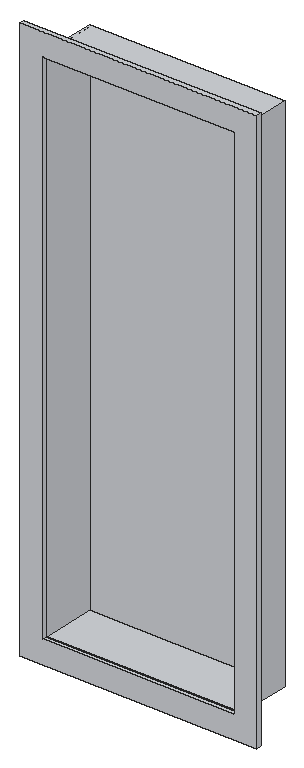
Revit family "Hager-VOLTA-Hollow_wall-Other-Without_Cover-Without_DIN-NoHosted-AT-de", category Electrical Equipment, Revit 2023
Family settings
  Panel Configuration = Two Columns, Circuits Across
  Round Connector Dimension = Use Diameter
  Part Type = Panelboard
  Work Plane-Based = Yes
  Always vertical = Yes
  Cut with Voids When Loaded = No
  Maintain Annotation Orientation = No
  Shared = No
  Room Calculation Point = No
Parameters (values of type "VOLTA-Hollow_wall_W348_H880_D98_12_Modular_Spacing-VH60NK")
  Width Control [instance] = if([HG000006-Unterputz], if([EF000846 - Einbaubreite] > min_whd, [EF000846 - Einbaubreite], min_whd), if([EF000008 - Breite] > min_whd, ([EF000008 - Breite]), min_whd))  # 314 mm
  Void Depth [instance] = if([EF000218 - Einbautiefe] > 1 mm, [EF000218 - Einbautiefe], 1 mm)  # 90 mm
  Uniformat code = "D501001"
  Uniformat = "Low Tension Service & Dist."
  Référence = ""
  HGEF0002950-Breite in Teilungseinheiten = 12
  HGEF000266-Anzahl der Reihen = 5
  HG000131 - Functional label [instance] = ""
  HG000130 - Functional name [instance] = ""
  HG000099-Onfly Template ID-de-AT = "507532"
  HG000059-Operating voltage-de-AT [instance] = 230 V
  HG000017-Distanz zwischen den Polen = 18 mm
  HG000016-3D-Türsichtbarkeit = yes
  HG000015-Sichtbarkeit der Türöffnung = yes
  HG000014-Tür rechts = yes
  HG000013-Tür links = no
  HG000012-Türschwenkwinkel = 90.00°
  HG000011-Leere Reihen von unten = no
  HG000010-Asymmetrische Türen = no
  HG000009-Doppelflügeligen Tür = no
  HG000008-Anzahl der leeren Reihen = 0
  HG000007-Anzahl der leeren Spalten = 0
  HG000006-Unterputz = yes
  HG000005-Dicke = 2 mm
  HG000004-Herstellerreferenz = "VH60NK"
  HG000003-Bereich = "VOLTA"
  HG000002-Mit tür = no
  HG000001-Anzahl der Spalten = 0
  ETIM class name = "Small distribution board"
  ETIM class code = "EC000214"
  EF015941 - Signaldurchlassende Tür = no
  EF015777 - Neutralleiterklemmenblock = no
  EF015776 - Erdungsklemmenblock = no
  EF009212 - Ausführung Deckel = ""
  EF006306 - Mit Schloss = no
  EF006244 - Transparenter Deckel/Tür = no
  EF005474 - Schutzart (IP) = "sonstige"
  EF004464 - Art der Tür = ""
  EF004462 - Art der Schließung = "sonstige"
  EF002950 - Breite in Teilungseinheiten = 12
  EF001596 - Werkstoff des Gehäuses = ""
  EF001134 - DIN-Schiene = no
  EF001131 - Innentiefe = 0 mm
  EF001088 - Anbaumöglichkeit = yes
  EF001062 - EMV-Ausführung = no
  EF000846 - Einbaubreite = 314 mm
  EF000339 - Art der Abdeckung = ""
  EF000332 - Einbauhöhe = 846 mm
  EF000266 - Anzahl der Reihen = 5
  EF000218 - Einbautiefe = 90 mm
  EF000118 - Mit Montageplatte = no
  EF000116 - RAL-Nummer = 9010
  EF000049 - Tiefe = 98 mm
  EF000040 - Höhe = 880 mm
  EF000024 - UV-beständig = no
  EF000008 - Breite = 348 mm
  EF000007 - Farbe = "weiß"
  EF000003 - Montageart = "Hohlwand"
  Type Comments = ""
  System Height [instance] = Height Control - 2 * [HG000005-Dicke]  # 842 mm
  Reference description = ""
  Reference = "VOLTA-Hollow_wall_W348_H880_D98_12_Modular_Spacing-VH60NK"
  Panel Name [instance] = ""  # (empty or 0)
  Offset [instance] = 0 mm
  Object type = ""
  Name hager = "ADD_Enclosures_EC000214"
  Name BIM&CO = "Electricity"
  Name = "VOLTA-Hollow_wall-Other-Without_Cover-Without_DIN-AT"
  Model = ""
  Level Offset [instance] = [Flush Mounted - Door Frame Width] + Offset  # 34 mm
  HG000060-RAL-number = "9010"
  GTIN (Global Trade Item Number) = ""
  Description = ""
  Default Elevation = 1200 mm
  Creation Date = "12/15/2025 21:42:23"
  Code hager = "ADD-EC000214_EU"
  Code Uniformat = ""
  BIM&CO code = ""
  BC_VARIANT_ID = "1174081"
  BC_OBJECT_VERSION = "#3"  # constant formula
  BC_OBJECT_ID = "513459"  # constant formula
  BC_MODEL_ID = "1547070"  # constant formula
  BC_METADATA = "{\"ObjectGuid\":\"bc35c96e-cb38-443e-833d-0616858cb9ac\",\"ModelGuid\":\"8af03f69-2293-4735-a617-cc53adf55621\",\"VariantGuid\":\"8b6e323b-1b53-409a-a940-11b5a7fc5337\",\"Revision\":\"#4\",\"VariantName\":\"Template-Enclosure_EU-EC000214\"}"
  Arrow Offset [instance] = Depth Control / 8  # 11.25 mm
  Arrow Height [instance] = Depth Control - Arrow Offset  # 78.75 mm
  Host Offset [instance] = if([HG000006-Unterputz], 0 mm, [EF000049 - Tiefe])  # 0 mm
  min_whd [instance] = (2 * [HG000005-Dicke]) + 1 mm  # 5 mm
  Manufacturer = "Hager"  # constant formula
  Height Control [instance] = if([HG000006-Unterputz], if([EF000332 - Einbauhöhe] > min_whd, [EF000332 - Einbauhöhe], min_whd), if([EF000040 - Höhe] > min_whd, ([EF000040 - Höhe]), min_whd))  # 846 mm
  Flush Mounted - Door Frame Width [instance] = if(([EF000040 - Höhe] - [EF000332 - Einbauhöhe]) > 0 mm, if([HG000006-Unterputz], [EF000040 - Höhe] - [EF000332 - Einbauhöhe], 0 mm), 0 mm)  # 34 mm
  Depth Control [instance] = if([HG000006-Unterputz], if([EF000218 - Einbautiefe] > 0 mm, [EF000218 - Einbautiefe], 1 mm), if([EF000049 - Tiefe] > 0 mm, ([EF000049 - Tiefe]), 1 mm))  # 90 mm
Types (5, lengths in mm): name | HGEF000266-Anzahl der Reihen | HG000004-Herstellerreferenz | EF009212 - Ausführung Deckel | EF004462 - Art der Schließung | EF001062 - EMV-Ausführung | EF000332 - Einbauhöhe | EF000266 - Anzahl der Reihen | EF000049 - Tiefe | EF000040 - Höhe | EF000008 - Breite | System Height | Reference | Level Offset | BC_VARIANT_ID | Height Control | Flush Mounted - Door Frame Width
  VOLTA-Hollow_wall_W330_H355_D94_12_Modular_Spacing-VH12NK | 1 | "VH12NK" | "geschlossen" | "" | yes | 346 | 1 | 94 | 355 | 330 | 342 | "VOLTA-Hollow_wall_W330_H355_D94_12_Modular_Spacing-VH12NK" | 9 | "1174077" | 346 | 9
  VOLTA-Hollow_wall_W348_H505_D98_12_Modular_Spacing-VH24NK | 2 | "VH24NK" | "" | "sonstige" | no | 471 | 2 | 98 | 505 | 348 | 467 | "VOLTA-Hollow_wall_W348_H505_D98_12_Modular_Spacing-VH24NK" | 34 | "1174078" | 471 | 34
  VOLTA-Hollow_wall_W348_H630_D98_12_Modular_Spacing-VH36NK | 3 | "VH36NK" | "" | "sonstige" | no | 596 | 3 | 98 | 630 | 348 | 592 | "VOLTA-Hollow_wall_W348_H630_D98_12_Modular_Spacing-VH36NK" | 34 | "1174079" | 596 | 34
  VOLTA-Hollow_wall_W348_H755_D98_12_Modular_Spacing-VH48NK | 4 | "VH48NK" | "" | "sonstige" | no | 721 | 4 | 98 | 755 | 348 | 717 | "VOLTA-Hollow_wall_W348_H755_D98_12_Modular_Spacing-VH48NK" | 34 | "1174080" | 721 | 34
  VOLTA-Hollow_wall_W348_H880_D98_12_Modular_Spacing-VH60NK | 5 | "VH60NK" | "" | "sonstige" | no | 846 | 5 | 98 | 880 | 348 | 842 | "VOLTA-Hollow_wall_W348_H880_D98_12_Modular_Spacing-VH60NK" | 34 | "1174081" | 846 | 34
Reference planes
  plane 1 "Center (Front/Back)": y = 0
  plane 2: z = 0
  plane 3 "Center (Left/Right)": x = 0
  plane 4: y = 36
  plane 5: y = 90
  plane 6: y = 34
  plane 7: z = 0
  plane 8: x = -157
  plane 9: x = 157
  plane 10: x = 155
  plane 11: x = -155
  plane 12: z = 34
  plane 13: z = 36
  plane 14: y = 5
  plane 15: y = 0
  plane 16: y = 88
  plane 17: z = 878
  plane 18: z = 880
  plane 19: z = 457
  plane 20: x = 0
  plane 21: y = -100
  plane 22 "Annotation H": y = -300
  plane 23 "Annotation V": x = 357
Forms (mm)
  Extrusion 1, solid
    sketch origin (-208.679, -4572, 34) x (-1, 0, 0) y (0, -1, 0)
      loop
        line (-51.679, -4572) -> (-365.679, -4572) -> (-365.679, -4662) -> (-51.679, -4662) -> (-51.679, -4572)
    from 0 to 846 <- "Height Control"
  Extrusion 2, void
    sketch origin (-350.771, 0, 1219.2) x (1, 0, 0) y (0, 0, 1)
      loop
        line (195.771, -341.2) -> (195.771, -1183.2) -> (505.771, -1183.2) -> (505.771, -341.2) -> (195.771, -341.2)
    from 0 to -88
  Extrusion 3, solid, detail levels coarse+medium
    sketch origin (-350.771, 0, 1219.2) x (-1, 0, 0) y (0, 0, 1)
      loop
        line (-195.771, -341.2) -> (-505.771, -341.2) -> (-505.771, -1183.2) -> (-195.771, -1183.2) -> (-195.771, -341.2)
    from 0 to 2 <- "HG000005-Dicke"
Cuts and joins
  Extrusion 2 cuts Extrusion 1
Dimensions and locks
  "Flush Mounted - Door Frame Width": plane 1 "Center (Front/Back)" to plane 6
  "HG000005-Dicke": plane 4 to plane 6
  "HG000005-Dicke": plane 8 to plane 11
  "HG000005-Dicke": plane 9 to plane 10
  equal spacing: plane 8, plane 3 "Center (Left/Right)", plane 9
  "Width Control": plane 8 to plane 9
  locked: plane 14 to plane 15 at 5
  "Host Offset": plane 1 "Center (Front/Back)" to plane 15
  "Depth Control": plane 5 to plane 15
  "HG000005-Dicke": plane 5 to plane 16
  "HG000005-Dicke": plane 13 to plane 12
  "Level Offset": plane 12 to level
  "HG000005-Dicke": plane 18 to plane 17
  "Height Control": plane 18 to plane 12
  "Arrow Offset": plane 5 to nested 4
  equal spacing: plane 18, plane 19, plane 12
  locked: connector elem to plane 19
  locked: connector elem to plane 3 "Center (Left/Right)"
  Extrusion 2 sketch curve to Extrusion 2 sketch curve to plane 9 = 310 mm, 2 mm
  locked: plane 9 to plane 23 "Annotation V" at 200
  locked: plane 22 "Annotation H" to plane 1 "Center (Front/Back)" at 300
  aligned and locked: nested 1 to plane 14
  aligned and locked: plane 3 "Center (Left/Right)" to nested 1
  aligned and locked: plane 3 "Center (Left/Right)" to nested 2
  aligned and locked: nested 2 to plane 15
  aligned and locked: plane 5 to Extrusion 1
  aligned and locked: Extrusion 3 sketch curve to plane 17
  aligned and locked: Extrusion 3 sketch curve to plane 11
  aligned and locked: plane 13 to Extrusion 3 sketch curve
  aligned and locked: Extrusion 3 sketch curve to plane 10
  aligned and locked: plane 13 to Extrusion 2 sketch curve
  aligned and locked: Extrusion 2 sketch curve to plane 17
  aligned and locked: plane 16 to Extrusion 2
  aligned and locked: plane 5 to Extrusion 1 sketch curve
  aligned and locked: plane 9 to Extrusion 1 sketch curve
  aligned and locked: plane 8 to Extrusion 1 sketch curve
  aligned and locked: plane 8 to nested 4
  aligned and locked: plane 8 to nested 3
  aligned and locked: nested 3 to plane 5
  aligned and locked: Extrusion 1 sketch curve to plane 15
  aligned and locked: Extrusion 2 to plane 15
  aligned and locked: nested 5 to plane 22 "Annotation H"
  aligned and locked: plane 23 "Annotation V" to nested 5
  aligned and locked: plane 11 to Extrusion 2
  aligned and locked: plane 10 to Extrusion 2
Nested families
  nested 1: "Hager_Enclosure_System" at (0, 5, 36), Height <- "System Height", Width_Control <- "Width Control", Built-in_Width <- "EF000846 - Einbaubreite", Width <- "EF000008 - Breite", Depth <- "HG000005-Dicke", Border <- "HG000005-Dicke", Distance_Between_Poles <- "HG000017-Distanz zwischen den Polen", Flush_Mounted <- "HG000006-Unterputz", Empty_Columns <- "HG000007-Anzahl der leeren Spalten", Total_No_Empty_Rows <- "HG000008-Anzahl der leeren Reihen", Empty_Rows_From_Bottom <- "HG000011-Leere Reihen von unten", Columns_Count <- "HG000001-Anzahl der Spalten", Rows_Count <- "HGEF000266-Anzahl der Reihen", Row_Module_Multiplicator <- "HGEF0002950-Breite in Teilungseinheiten", type "Hager_Enclosure_System", detail levels medium+fine
    with Width_Control 314 mm, Width 348 mm, Total_No_Rows 5, Total_No_Empty_Rows 0, Total_No_Columns 1, System_Width 310 mm, Rows_Count 5, Rows_Column 5, Row_Module_Multiplicator 12, Panel_4 no, Panel_3 no, Panel_2 no, Panel_1 no, No_Panels_Ctrl 1, Hide_Columns yes, Height 842 mm, Flush_Mounted yes, Empty_Rows_From_Bottom no, Empty_Rows_Column 0, Empty_Columns 0, Empty column 4 0, Empty column 3 0, Empty column 2 0, Empty column 1 0, Distance_Between_Poles 18 mm, Depth 2 mm, Columns_Count 0, Column_Width 310 mm, Built-in_Width 314 mm, Border 2 mm
  nested 2: "Hager_Enclosure_Door" at (0, 0, 34), Height_Ctrl <- "Height Control", Width_Ctrl <- "Width Control", BuiltIn_Depth <- "EF000218 - Einbautiefe", Depth <- "EF000049 - Tiefe", BuiltIn_Width <- "EF000846 - Einbaubreite", Height <- "EF000040 - Höhe", BuiltIn_Height <- "EF000332 - Einbauhöhe", Width <- "EF000008 - Breite", Transparent <- "EF006244 - Transparenter Deckel/Tür", Border <- "HG000005-Dicke", Door <- "HG000002-Mit tür", Flush_Mounted <- "HG000006-Unterputz", Double <- "HG000009-Doppelflügeligen Tür", Assymetrical <- "HG000010-Asymmetrische Türen", Angle <- "HG000012-Türschwenkwinkel", Door_Left <- "HG000013-Tür links", Door_Right <- "HG000014-Tür rechts", Clearance <- "HG000015-Sichtbarkeit der Türöffnung", 3d_Door <- "HG000016-3D-Türsichtbarkeit", type "Hager_Enclosure_Door", detail levels medium+fine
    with min_wh 5 mm, Width_Ctrl 314 mm, Width 348 mm, Transparent_Door_No_Bottom_Border no, Transparent no, Leaf_Width 307 mm, Leaf_Tolerance 1.5 mm, Leaf_Height 839 mm, Leaf_2_Width 307 mm, Leaf_2_Offset 153.5 mm, Leaf_1_Width 307 mm, Leaf_1_Offset 153.5 mm, Height_Ctrl 846 mm, Height 880 mm, Frame_Width_Ctrl 34 mm, Frame_Width 34 mm, Frame_Internal_Offset 2 mm, Frame_Height_Ctrl 34 mm, Frame_Height 34 mm, Frame_Depth_Ctrl 8 mm, Frame_Depth 8 mm, Flush_Mounted yes, Double_Clearance_Ctrl no, Double no, Door_Right_Ctrl no, Door_Right yes, Door_Left_Ctrl no, Door_Left no, Door no, Depth 98 mm, Clearance_Depth 307 mm, Clearance_Ctrl yes, Clearance yes, BuiltIn_Width 314 mm, BuiltIn_Height 846 mm, BuiltIn_Depth 90 mm, Border 2 mm, Assymetrical no, Angle 90.00°, 3d_Door yes
  nested 3: "Hager_Enclosure_Symbol_Triangle" at (-157, 90, 0), Depth <- "Depth Control", Width <- "Width Control", type "Hager_Enclosure_Symbol_Triangle"
    with Width_Ctrl 314 mm, Width 314 mm, Depth_Ctrl 90 mm, Depth 90 mm
  nested 4: "Hager_Enclosure_Symbol_Arrow" at (-157, 78.75, 0), Height <- "Arrow Height", type "Hager_Enclosure_Symbol_Arrow"
    with Width_Inside 5.906 mm, Width 70.875 mm, Height_Ctrl 78.75 mm, Height 78.75 mm
  nested 5: "Hager_Annotation-HG000130" at (357, -300, 0), HG000130 - Functional name <- "HG000130 - Functional name", type "Hager_Annotation-HG000130"
    with HG000130 - Functional name ""
Connectors
  electrical at (0, 90, 457), driven by "HG000059-Operating voltage-de-AT"
    settings: on plane 5, index 1, voltage 230 V, apparent load 0 VA, apparent load phase1 0 VA, apparent load phase2 0 VA, apparent load phase3 0 VA, power factor 1, load classification "Other", number of poles 1, system type 30, power factor state 1, is connector primary yes, connector utility no, sub classification motor no, connector description ""
Definition of nested family "Hager_Enclosure_Door"
  Parameters (values of type "Hager_Enclosure_Door")
    min_wh [instance] = (2 * Border) + 1 mm  # 11 mm
    Width_Ctrl [instance] = 400 mm
    Width [instance] = 500 mm
    Transparent_Door_No_Bottom_Border [instance] = no
    Transparent [instance] = yes
    Leaf_Width [instance] = if((Width_Ctrl - 2 * Border - 2 * Leaf_Tolerance) > 0 mm, (Width_Ctrl - 2 * Border - 2 * Leaf_Tolerance), min_wh)  # 387 mm
    Leaf_Tolerance [instance] = 1.5 mm  # constant formula
    Leaf_Height [instance] = if((Height_Ctrl - 2 * Border - 2 * Leaf_Tolerance) > 0 mm, (Height_Ctrl - 2 * Border - 2 * Leaf_Tolerance), min_wh)  # 387 mm
    Leaf_2_Width [instance] = if(and(and(Double, Assymetrical), Door_Left), (Leaf_Width / 3) - (Leaf_Tolerance / 2), if(and(and(Double, Assymetrical), Door_Right), (Leaf_Width / 3) * 2 - (Leaf_Tolerance / 2), if(and(Double, not(Assymetrical)), (Leaf_Width / 2) - Leaf_Tolerance, Leaf_Width)))  # 387 mm
    Leaf_2_Offset [instance] = if(and(Double, Assymetrical), Leaf_2_Width / 2, if(and(Double, not(Assymetrical)), Leaf_Width / 4, Leaf_Width / 2))  # 193.5 mm
    Leaf_1_Width [instance] = if(and(and(Double, Assymetrical), Door_Right), (Leaf_Width / 3) - (Leaf_Tolerance / 2), if(and(and(Double, Assymetrical), Door_Left), (Width / 3) * 2 - (Leaf_Tolerance / 2), if(and(Double, not(Assymetrical)), (Leaf_Width / 2) - Leaf_Tolerance, Leaf_Width)))  # 387 mm
    Leaf_1_Offset [instance] = if(and(Double, Assymetrical), Leaf_1_Width / 2, if(and(Double, not(Assymetrical)), Leaf_Width / 4, Leaf_Width / 2))  # 193.5 mm
    Height_Ctrl [instance] = 400 mm
    Height [instance] = 500 mm
    Frame_Width_Ctrl [instance] = if(Frame_Width > 0 mm, Frame_Width, 1 mm)  # 1 mm
    Frame_Width [instance] = Width - BuiltIn_Width  # 0 mm
    Frame_Internal_Offset [instance] = if(Flush_Mounted, Border, 0 mm)  # 5 mm
    Frame_Height_Ctrl [instance] = if(Frame_Height > 0 mm, Frame_Height, 1 mm)  # 1 mm
    Frame_Height [instance] = Height - BuiltIn_Height  # 0 mm
    Frame_Depth_Ctrl [instance] = if(Frame_Depth > 0 mm, Frame_Depth, 1 mm)  # 1 mm
    Frame_Depth [instance] = if(Depth - BuiltIn_Depth > 0 mm, if(Flush_Mounted, Depth - BuiltIn_Depth, 0 mm), 0 mm)  # 0 mm
    Flush_Mounted [instance] = yes
    Double_Clearance_Ctrl [instance] = and(Double, Clearance)  # no
    Double [instance] = no
    Door_Right_Ctrl [instance] = and(or(Door_Right, Double), Door)  # yes
    Door_Right [instance] = yes
    Door_Left_Ctrl [instance] = and(or(Door_Left, Double), Door)  # no
    Door_Left [instance] = no
    Door [instance] = yes
    Depth [instance] = 500 mm
    Default Elevation = 1219.2 mm
    Clearance_Material = none
    Clearance_Depth [instance] = if(Leaf_1_Width > Leaf_2_Width, Leaf_1_Width, Leaf_2_Width)  # 387 mm
    Clearance_Ctrl [instance] = and(not(Double), Clearance)  # yes
    Clearance [instance] = yes
    BuiltIn_Width [instance] = 500 mm
    BuiltIn_Height [instance] = 500 mm
    BuiltIn_Depth [instance] = 500 mm
    Border [instance] = 5 mm
    Assymetrical [instance] = yes
    Angle [instance] = 30.00°
    3d_Door [instance] = yes
  Reference planes
    plane 1 "Center (Front/Back)": y = 0
    plane 2 "Bottom": z = 0
    plane 3 "Center (Left/Right)": x = 0
    plane 4: z = 400
    plane 5: x = -200
    plane 6: x = 200
    plane 7: z = 395
    plane 8: x = -195
    plane 9: z = 5
    plane 10: x = 195
    plane 11: y = 0
    plane 12: z = 6.5
    plane 13: x = -582
    plane 14: y = -387
    plane 15: x = 582
    plane 16: x = 0
    plane 17: x = 0
    plane 18: x = -193.5
    plane 19: x = 193.5
    plane 20: z = 393.5
  Forms (mm)
    Extrusion 1, solid, visible <- "Flush_Mounted"
      sketch origin (0, 0, 0) x (1, 0, 0) y (0, 0, 1)
        loop
          line (195, 5) -> (195, 395) -> (-195, 395) -> (-195, 5) -> (195, 5)
        loop
          line (-201, 401) -> (-201, -1) -> (201, -1) -> (201, 401) -> (-201, 401)
      from 0 to 1 <- "Frame_Depth_Ctrl"
    Extrusion 2, solid, material <- "Clearance_Material", visible <- "Double_Clearance_Ctrl"
      sketch origin (1200, 0, 0) x (1, 0, 0) y (0, 0, -1)
        loop
          line (-1782, -393.5) -> (-618, -393.5) -> (-618, 0) -> (-1782, 0) -> (-1782, -393.5)
      from 0 to -387
  Dimensions and locks
    equal spacing: plane 5, plane 3 "Center (Left/Right)", plane 6
    "Width_Ctrl": plane 5 to plane 6
    "Border": plane 5 to plane 8
    "Border": plane 6 to plane 10
    "Border": plane 9 to level
    "Border": plane 4 to plane 7
    "Height_Ctrl": plane 4 to level
    "Leaf_Tolerance": plane 12 to plane 9
    "Frame_Depth": plane 11 to plane 1 "Center (Front/Back)"
    "Frame_Width_Ctrl": plane 5 to Extrusion 1 sketch curve
    "Frame_Width_Ctrl": plane 6 to Extrusion 1 sketch curve
    "Frame_Width_Ctrl": Extrusion 1 sketch curve to plane 4
    "Frame_Width_Ctrl": plane 2 "Bottom" to Extrusion 1 sketch curve
    "Leaf_1_Offset": plane 18 to plane 16
    "Leaf_2_Offset": plane 17 to plane 19
    "Leaf_1_Width": plane 13 to plane 8
    "Leaf_2_Width": plane 10 to plane 15
    "Clearance_Depth": plane 14 to plane 1 "Center (Front/Back)"
    "Leaf_Tolerance": plane 8 to plane 18
    "Leaf_Tolerance": plane 19 to plane 10
    "Leaf_Tolerance": plane 7 to plane 20
    "Frame_Internal_Offset": plane 5 to Extrusion 1 sketch curve
    "Frame_Internal_Offset": Extrusion 1 sketch curve to plane 2 "Bottom"
    "Frame_Internal_Offset": plane 6 to Extrusion 1 sketch curve
    "Frame_Internal_Offset": plane 4 to Extrusion 1 sketch curve
    aligned and locked: level to plane 2 "Bottom"
    aligned and locked: nested 1 to plane 16
    aligned and locked: nested 2 to plane 17
    aligned and locked: Extrusion 2 to plane 13
    aligned and locked: plane 15 to Extrusion 2
    aligned and locked: Extrusion 2 to plane 14
    aligned and locked: plane 12 to nested 1
    aligned and locked: nested 2 to plane 12
    aligned and locked: Extrusion 2 to plane 11
    aligned and locked: plane 20 to Extrusion 2
    aligned and locked: nested 2 to plane 11
    aligned and locked: nested 1 to plane 11
  Automatic sketch dimensions
    Extrusion 2 sketch curve to level = 0 mm
    plane 5 to Extrusion 2 sketch curve = 382 mm
    plane 6 to Extrusion 2 sketch curve = 382 mm
    Extrusion 2 sketch curve to plane 4 = 6.5 mm
  Nested families
    nested 1: "Hager_Enclosure_Door_Leaf" at (0, 0, 6.5), Width <- "Leaf_1_Width", visible <- "Door_Left_Ctrl", Leaf_Height <- "Leaf_Height", Angle <- "Angle", Depth <- "Border", 3d_Door <- "3d_Door", Transparent <- "Transparent", Clearance Material <- "Clearance_Material", Clearance <- "Clearance_Ctrl", Transparent_Door_No_Bottom_Border <- "Transparent_Door_No_Bottom_Border", type "Hager_Enclosure_Door_Leaf"
      with Width 387 mm, Transparent_Door_No_Bottom_Border no, Transparent_Door_Border_Bottom_Top 25 mm, Transparent_Door_Border 25 mm, Transparent_Ctrl yes, Transparent yes, Standard no, Leaf_Height 387 mm, Glass_Offset 1 mm, Depth 5 mm, Clearance Material none, Clearance yes, Angle_Ctrl 30.00°, Angle 30.00°, 3d_Door yes
    nested 2: "Hager_Enclosure_Door_Leaf" at (0, 0, 6.5) x (-1, 0, 0) z (0, 0, 1), Width <- "Leaf_2_Width", visible <- "Door_Right_Ctrl", Leaf_Height <- "Leaf_Height", Angle <- "Angle", Depth <- "Border", 3d_Door <- "3d_Door", Transparent <- "Transparent", Clearance Material <- "Clearance_Material", Clearance <- "Clearance_Ctrl", Transparent_Door_No_Bottom_Border <- "Transparent_Door_No_Bottom_Border", type "Hager_Enclosure_Door_Leaf"
      with Width 387 mm, Transparent_Door_No_Bottom_Border no, Transparent_Door_Border_Bottom_Top 25 mm, Transparent_Door_Border 25 mm, Transparent_Ctrl yes, Transparent yes, Standard no, Leaf_Height 387 mm, Glass_Offset 1 mm, Depth 5 mm, Clearance Material none, Clearance yes, Angle_Ctrl 30.00°, Angle 30.00°, 3d_Door yes
  Definition of nested family "Hager_Enclosure_Door_Leaf"
    Parameters (values of type "Hager_Enclosure_Door_Leaf")
      Width [instance] = 2000 mm
      Transparent_Door_No_Bottom_Border [instance] = yes
      Transparent_Door_Border_Bottom_Top [instance] = if(Transparent_Door_No_Bottom_Border, 0.1 mm, Transparent_Door_Border)  # 0.1 mm
      Transparent_Door_Border [instance] = if(Transparent_Door_No_Bottom_Border, (Width * 0.12), 25 mm)  # 240 mm
      Transparent_Ctrl [instance] = and(Transparent, [3d_Door])  # yes
      Transparent [instance] = yes
      Standard [instance] = and(not(Transparent), [3d_Door])  # no
      Leaf_Height [instance] = 2720.336 mm
      Glass_Offset [instance] = if((Depth - 10 mm) / 2 > 0 mm, (Depth - 10 mm) / 2, 1 mm)  # 15 mm
      Glass_Material = none
      Depth [instance] = 40 mm
      Default Elevation = 0 mm
      Clearance Material [instance] = none
      Clearance [instance] = yes
      Angle_Ctrl [instance] = if(Angle > 170.00°, 170.00°, Angle)  # 45.00°
      Angle [instance] = 45.00°
      3d_Door [instance] = yes
    Reference planes
      plane 1 "Center (Front/Back)": y = 0
      plane 2: z = 0
      plane 3 "Center (Left/Right)": x = 0
      plane 4: y = 2000
      plane 5: x = -1000
      plane 6: x = 1000
      plane 7: x = -3000
      plane 8: z = 2720.336
      plane 9: z = 0.1
      plane 10: z = 2720.236
      plane 11: x = 760
      plane 12: x = -760
    Forms (mm)
      Extrusion 1, solid, material <- "Clearance Material", visible <- "Clearance"
        sketch origin (0, 0, 0) x (1, 0, 0) y (0, 0, 1)
          loop
            line (-3000, 2720.336) -> (-3000, 0) -> (1000, 0) -> (1000, 2720.336) -> (-3000, 2720.336)
        from 0 to -2000
      Extrusion 2, solid, visible <- "Standard", detail levels medium+fine
        sketch origin (-1000, 0, 0) x (0.707107, 0.707107, 0) y (-0.707107, 0.707107, 0)
          loop
            line (0, -40) -> (2000, -40) -> (2000, 0) -> (0, 0) -> (0, -40)
        from 0 to 2720.336 <- "Leaf_Height"
      Extrusion 3, solid, visible <- "Transparent_Ctrl", detail levels medium+fine
        sketch origin (-1000, 0, 0) x (0.707107, 0.707107, 0) y (-0.707107, 0.707107, 0)
          loop
            line (0, -40) -> (2000, -40) -> (2000, 0) -> (0, 0) -> (0, -40)
        from 0 to 2720.336 <- "Leaf_Height"
      Extrusion 4, void, detail levels medium+fine
        sketch origin (-1000, 0, 0) x (-0.707107, 0.707107, 0) y (0.707107, 0.707107, 0)
          loop
            line (0, 240) -> (0, 1760) -> (-40, 1760) -> (-40, 240) -> (0, 240)
        from -2720.236 to -0.1
      Extrusion 5, solid, material <- "Glass_Material", visible <- "Transparent_Ctrl", detail levels medium+fine
        sketch origin (-1000, 0, 0) x (0.707107, 0.707107, 0) y (-0.707107, 0.707107, 0)
          loop
            line (240, -15) -> (240, -25) -> (1760, -25) -> (1760, -15) -> (240, -15)
        from 0.1 to 2720.236
    Cuts and joins
      Extrusion 4 cuts Extrusion 3
    Lines and regions (mm)
      symbolic lines
        curve 1: line (1000, 0, 0) -> (-3000, 0, 0)
        curve 2: arc (1000, 0, 0) -> (-1000, 2000, 0) -> (-3000, 0, 0) r 2000
        curve 4: line (-1000, 0, 0) -> (414.214, 1414.214, 0)
      reference lines
        curve 3: line (-1000, 0, 0) -> (414.214, 1414.214, 0)
      symbolic lines, detail levels medium+fine
        curve 5: line (414.214, 1414.214, 0) -> (442.498, 1385.929, 0)
        curve 6: line (442.498, 1385.929, 0) -> (-971.716, -28.284, 0)
        curve 7: line (-971.716, -28.284, 0) -> (-1000, 0, 0)
        curve 8: line (-1000, 0, 2720.336) -> (1000, 0, 2720.336)
        curve 9: line (-1000, 0, 0) -> (-1000, 0, 2720.336)
        curve 10: line (1000, 0, 0) -> (-1000, 0, 0)
        curve 11: line (1000, 0, 2720.336) -> (1000, 0, 0)
      symbolic lines, visible <- "Transparent_Ctrl", detail levels medium+fine
        curve 12: line (-760, 0, 2720.236) -> (760, 0, 2720.236)
        curve 13: line (-760, 0, 0.1) -> (-760, 0, 2720.236)
        curve 14: line (760, 0, 0.1) -> (-760, 0, 0.1)
        curve 15: line (760, 0, 2720.236) -> (760, 0, 0.1)
    Dimensions and locks
      "Width": plane 1 "Center (Front/Back)" to plane 4
      equal spacing: plane 5, plane 3 "Center (Left/Right)", plane 6
      "Width": plane 5 to plane 6
      "Width": plane 7 to plane 5
      "Leaf_Height": plane 8 to level
      "Depth": curve 6 to curve 3
      "Width": curve 5 to curve 3
      "Width": curve 3 to curve 3
      "Transparent_Door_Border": Extrusion 4 sketch curve to curve 7
      "Transparent_Door_Border": Extrusion 4 sketch curve to curve 5
      "Transparent_Door_Border_Bottom_Top": plane 8 to plane 10
      "Transparent_Door_Border_Bottom_Top": plane 9 to level
      "Glass_Offset": Extrusion 5 sketch curve to curve 4
      "Glass_Offset": Extrusion 5 sketch curve to curve 6
      "Transparent_Door_Border": Extrusion 5 sketch curve to curve 5
      "Transparent_Door_Border": Extrusion 5 sketch curve to curve 7
      "Transparent_Door_Border": plane 12 to plane 5
      "Transparent_Door_Border": plane 6 to plane 11
      "Angle_Ctrl": angle plane 1 "Center (Front/Back)" to curve 3
      aligned and locked: level to plane 2
      aligned and locked: Extrusion 1 to curve 1
      aligned and locked: plane 6 to Extrusion 1
      aligned and locked: Extrusion 1 to plane 1 "Center (Front/Back)"
      aligned and locked: plane 4 to Extrusion 1
      aligned and locked: plane 8 to Extrusion 1
      aligned and locked: curve 4 to curve 3
      aligned and locked: Extrusion 2 sketch curve to curve 7
      aligned and locked: Extrusion 2 sketch curve to curve 6
      aligned and locked: Extrusion 2 sketch curve to curve 5
      aligned and locked: Extrusion 2 sketch curve to curve 3
      aligned and locked: curve 7 to Extrusion 3 sketch curve
      aligned and locked: Extrusion 3 sketch curve to curve 4
      aligned and locked: Extrusion 3 sketch curve to curve 6
      aligned and locked: Extrusion 3 sketch curve to curve 5
      aligned and locked: curve 4 to Extrusion 4 sketch curve
      aligned and locked: curve 6 to Extrusion 4 sketch curve
      aligned and locked: Extrusion 4 to plane 9
      aligned and locked: Extrusion 4 to plane 10
      aligned and locked: Extrusion 5 to plane 9
      aligned and locked: Extrusion 5 to plane 10
      aligned and locked: curve 8 to plane 8
      aligned and locked: plane 5 to curve 9
      aligned and locked: plane 2 to curve 10
      aligned and locked: curve 11 to plane 6
      aligned and locked: plane 10 to curve 12
      aligned and locked: plane 12 to curve 13
      aligned and locked: curve 14 to plane 9
      aligned and locked: plane 11 to curve 15
    Automatic sketch dimensions
      plane 1 "Center (Front/Back)" to curve 2 = 0 mm
      curve 2 to plane 5 = 0 mm
      Extrusion 1 sketch curve to level = 0 mm
      Extrusion 1 sketch curve to plane 7 = 0 mm
      Extrusion 1 sketch curve to plane 6 = 0 mm
      Extrusion 1 sketch curve to plane 8 = 0 mm
      plane 1 "Center (Front/Back)" to curve 3 = 0 mm
      curve 3 to plane 5 = 0 mm
      curve 7 to curve 3 = 0 mm
Definition of nested family "Hager_Enclosure_Symbol_Triangle"
  Parameters (values of type "Hager_Enclosure_Symbol_Triangle")
    Width_Ctrl [instance] = if(Width > 1 mm, Width, 1 mm)  # 498 mm
    Width [instance] = 498 mm
    Depth_Ctrl [instance] = if(Depth > 1 mm, Depth, 1 mm)  # 72 mm
    Depth [instance] = 72 mm
  Reference planes
    plane 1 "Centre (avant/arrière)": y = 0
    plane 2: z = 0
    plane 3 "Centre (gauche/droite)": x = 0
  Lines and regions (mm)
    Filled region 1, type "Solid_Black", in view "Niveau de réf."
      outline origin (0, 0, 0) x (1, 0, 0) y (0, 1, 0)
        loop
          line (0, 0) -> (498, 0) -> (498, 72) -> (0, 0)
    reference lines, in view "Niveau de réf."
      curve 1: line (-206.153, 72, 0) -> (1083.258, 72, 0)
      curve 2: line (498, 405.456, 0) -> (498, -517.619, 0)
  Dimensions and locks
    "Depth_Ctrl": plane 1 "Centre (avant/arrière)" to curve 1
    "Width_Ctrl": plane 3 "Centre (gauche/droite)" to curve 2
    aligned and locked: curve 1 to Filled region 1 sketch curve
    aligned and locked: Filled region 1 sketch curve to plane 1 "Centre (avant/arrière)"
    aligned and locked: curve 2 to Filled region 1 sketch curve
    aligned and locked: plane 3 "Centre (gauche/droite)" to Filled region 1 sketch curve
    aligned and locked: plane 1 "Centre (avant/arrière)" to Filled region 1 sketch curve
  Automatic sketch dimensions
    curve 1 to plane 3 "Centre (gauche/droite)" = 206.153 mm
    curve 2 to curve 1 = 585.258 mm
    plane 1 "Centre (avant/arrière)" to curve 2 = 517.619 mm
    curve 2 to plane 1 "Centre (avant/arrière)" = 405.456 mm
Definition of nested family "Hager_Enclosure_Symbol_Arrow"
  Parameters (values of type "Hager_Enclosure_Symbol_Arrow")
    Width_Inside [instance] = if(Width / 12 > 2 mm, Width / 12, 2 mm)  # 4.987 mm
    Width [instance] = if(Height_Ctrl * 0.9 > 2 mm, Height_Ctrl * 0.9, 2 mm)  # 59.85 mm
    Height_Ctrl [instance] = if(Height > 2 mm, Height, 2 mm)  # 66.5 mm
    Height [instance] = 66.5 mm
  Reference planes
    plane 1 "Centre (avant/arrière)": y = 0
    plane 2: z = 0
    plane 3 "Centre (gauche/droite)": x = 0
    plane 4: x = 59.85
    plane 5: y = 28.263
    plane 6: y = 38.238
    plane 7: y = 66.5
    plane 8: x = 29.925
    plane 9: y = 33.25
  Lines and regions (mm)
    Filled region 1, type "Solid_Black", in view "Niveau de réf."
      outline origin (0, 0, 0) x (1, 0, 0) y (0, 1, 0)
        loop
          line (59.85, 66.5) -> (37.929, 52.827) -> (51.846, 41.935) -> (59.85, 66.5)
    detail lines, in view "Niveau de réf."
      curve 1: line (0, 0, 0) -> (29.925, 38.238, 0)
      curve 2: line (29.925, 38.238, 0) -> (29.925, 28.263, 0)
      curve 3: line (29.925, 28.263, 0) -> (59.85, 66.5, 0)
  Dimensions and locks
    "Width": plane 3 "Centre (gauche/droite)" to plane 4
    "Height_Ctrl": plane 7 to plane 1 "Centre (avant/arrière)"
    equal spacing: plane 3 "Centre (gauche/droite)", plane 8, plane 4
    equal spacing: plane 7, plane 9, plane 1 "Centre (avant/arrière)"
    equal spacing: plane 6, plane 9, plane 5
    "Width_Inside": plane 6 to plane 9
    equal spacing: curve 3, Filled region 1 sketch curve, Filled region 1 sketch curve
    angle Filled region 1 sketch curve to curve 3 = 20.00°
    angle curve 3 to Filled region 1 sketch curve = 20.00°
    locked: curve 3 to Filled region 1 sketch curve (angle 90.00°)
  Automatic sketch dimensions
    plane 1 "Centre (avant/arrière)" to curve 1 = 0 mm
    curve 1 to plane 3 "Centre (gauche/droite)" = 0 mm
    curve 2 to plane 6 = 0 mm
    curve 3 to plane 8 = 0 mm
    curve 3 to plane 4 = 0 mm
    curve 2 to plane 5 = 0 mm
    curve 3 to plane 7 = 0 mm
    Filled region 1 sketch curve to plane 4 = 0 mm
    Filled region 1 sketch curve to plane 7 = 0 mm
Definition of nested family "Hager_Annotation-HG000130"
  Parameters (values of type "Hager_Annotation-HG000130")
    HG000130 - Functional name [instance] = ""
  Reference planes
    plane 1: y = 0
    plane 2: x = 0
  Lines and regions (mm)
    detail lines
      curve 1: line (-27.5, 10, 0) -> (27.5, 10, 0)
      curve 2: line (-27.5, -10, 0) -> (-27.5, 10, 0)
      curve 3: line (27.5, -10, 0) -> (-27.5, -10, 0)
      curve 4: line (27.5, 10, 0) -> (27.5, -10, 0)
  Text (mm)
    label "HG000130 - Functional name" at (0.16, 0.026, 0), shows "HG000130 - Functional name"
